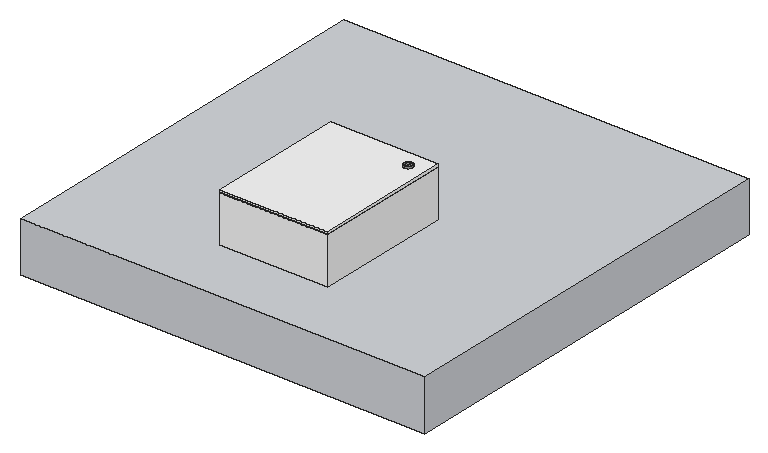
Revit family "IS_Tempo_BIM_GB", category Casework, host Face, Revit 2020
Family settings
  Host = Face
  OmniClass Number = 23.40.35.00
  OmniClass Title = Casework
  Cut with Voids When Loaded = No
  Shared = Yes
  Room Calculation Point = No
Parameters (values of type "E0777WG - Tempo 650 mm WC unit with adjustable cistern - White gloss")
  Youtube clip = ""
  Width = 650 mm
  Weight Net (Kg) = 0
  WarrantyStartDate [instance] = "1900-12-31T23:59:59"
  WarrantyGuarantorParts = "Productinfo@thebluebook.co.uk"
  WarrantyGuarantorLabor = "n/a"
  WarrantyDurationUnit = "year"
  WarrantyDurationParts = "5"
  WarrantyDurationLabor = "n/a"
  WarrantyDescription = "Manufacturers warranty"
  VolumeUnits = "Litres"
  Version = "2"
  Uniformat II Description = ""
  Uniformat II Code = ""
  Uniclass 2015 Name = "Bathroom cupboards"
  Uniclass 2015 Code = "Pr_40_30_78_04"
  Uniclass 2.0 Description = "Bathroom Cabinets"
  Uniclass 2.0 Code = "PR-35-75-08"
  Uniclass 1.4 Description = ""
  Uniclass 1.4 Code = ""
  URL = "www.idealspec.co.uk"
  UNSPSC Code = ""
  Type Comments = "n/a"
  Technical description = "https://www.idealspec.co.uk/assets/datasheet/E0777WG"
  TagNumber [instance] = "n/a"
  SustainabilityPerformance = "FSC"
  Style = "Bathroom cupboards"
  SpareParts = "www.fastpart-spares.co.uk"
  Space = "Internal"
  Size = "830 x 650 x 300 mm"
  Shape = "Rectangular"
  SerialNumber [instance] = "n/a"
  Revision = "n/a"
  ReplacementCost = "n/a"
  Region South America = "All"
  Region Oceania = "All"
  Region North America = "All"
  Region Middle East = "All"
  Region Europe = "All"
  Region Asia = "All"
  Region Antarctica = "All"
  Region Africa = "All"
  QR code = "http://bimobject.com/idealstandard/product/E0777"
  ProductInformation = "www.idealspec.co.uk/assets/datasheet/E0777WG"
  Product group = "Bathroom integrated furniture"
  Product family = "Sanitary"
  Product data url = "https://bimobject.com/idealstandard/product/E0777"
  Product certification = ""
  Product SKU = "E0777"
  Product Guid = "464d868d-be48-406c-b4b0-7bbd169b40b0"
  Phone = "01482 346 461"
  OmniClass Description = "Shower Compartments"
  OmniClass Code = "23-31 17 11"
  NominalLength = 300 mm
  NominalDepth = 300 mm
  Nominal width = 650
  Nominal height = 830
  NettWeight = "n/a"
  Name = "BathroomIntegratedFurniture_Tempo_E0777WG_IdealStandard"
  NBSTypeID = "n/a"
  NBSOfficeMasterTag = "n/a"
  NBSNote = "n/a"
  NBSCertification = "n/a"
  NBS Reference Description = "Bathroom Cabinets"
  NBS Reference Code = "35-75-08"
  ModelReference = Description  # "Tempo 650 mm wc unit with adjustable cistern for 6/4 or 4/2.6 litre flush\r\n4/2.6 litre flush"
  ModelNumber = Model  # "E0777WG"
  Model = "E0777WG"
  Material secondary = ""
  Material main = ""
  Material = "Varies, see product information"
  Masterformat 2014 Description = ""
  Masterformat 2014 Code = ""
  ManufacturerURL = "www.idealspec.co.uk"
  Manufacturer name = "Ideal Standard"
  Manufacturer country = ""
  Manufacturer = "Productinfo@thebluebook.co.uk"
  MainColor = "Sandy Grey"
  LinearUnits = "millimeters"
  LaminateMtl = ISI_IdealStandard_Laminate_WhiteGloss_Render
  Keynote = "n/a"
  InstallationInstructions = "www.idealspec.co.uk/resources.html"
  InstallationDate [instance] = "1900-12-31T23:59:59"
  Installation instructions = ""
  IfcExportType = "Bathroom integrated furniture"
  IfcExportAs = "IfcFurnitureType"
  MetalMtl = ISI_IdealStandard_Handles_Silver_Render
  IFC Classification = "Sanitary Terminal"
  Height = 830 mm
  GrossWeight = "n/a"
  Grade = "n/a"
  Finish = Color  # "Sandy Grey"
  Features = "Adjustable cistern and push button"
  ExpectedLife = "30"
  Edition number = 1
  EAN code = "https://#N/A"
  DurationUnit = "year"
  Design country = ""
  Description = "Tempo 650 mm wc unit with adjustable cistern for 6/4 or 4/2.6 litre flush\r\n4/2.6 litre flush"
  Depth = NominalDepth  # 300 mm
  Default Elevation = 830 mm
  Date of publishing = ""
  CurrencyUnit = "n/a"
  CreatedOn = "2015-08-13"
  Cost = 0
  Constituents = "n/a"
  ConnectionType = "Mechanical"
  Color = "Sandy Grey"
  CodePerformance = "FSC, EN 14749:2005"
  Category = "n/a"
  COBIe Type Category = ""
  Brand = "Ideal Standard"
  BarCode [instance] = "n/a"
  BIMobject category = "Basins"
  BIMObjectName = "ISI_IdealStandard_BathroomIntegratedFurniture_Tempo_E0777WG"
  Author = "Ideal Standard (UK) Ltd"
  AssetType = "Fixed"
  AssetIdentifier [instance] = "n/a"
  Assembly Code = "C1030200"
  AreaUnits = "millimeters"
  AreaMeasurement = "n/a"
  Accessories = "www.idealspec.co.uk"
  AccessibilityPerformance = "n/a"
Reference planes
  plane 1 "Center (Front/Back)": y = 0
  plane 2: z = 0
  plane 3 "Center (Left/Right)": x = 0
  plane 4: x = -325
  plane 5: x = 325
  plane 6: y = -830
  plane 7: z = 300
  plane 8: z = 288
  plane 9: x = -315
  plane 10: x = 315
  plane 11: y = -10
  plane 12: y = -820
  plane 13: y = -200
  plane 14: x = 25
  plane 15: x = 175
  plane 16: y = -150
  plane 17: y = -730
  plane 18: x = -25
  plane 19: x = -175
  plane 20: x = 1.5
  plane 21: x = -1.5
  plane 22: x = 225
  plane 23: y = -100
  plane 24: z = 307
Forms (mm)
  Extrusion 1, solid
    sketch origin (0, 0, 0) x (1, 0, 0) y (0, 1, 0)
      loop
        line (-1219.2, 1219.2) -> (-1219.2, -1219.2) -> (1219.2, -1219.2) -> (1219.2, 1219.2) -> (-1219.2, 1219.2)
    from 0 to -304.8
  Extrusion 2, solid, material "ISI_IdealStandard_Laminate_WhiteGloss_Render" <- "LaminateMtl"
    sketch origin (0, 0, 0) x (1, 0, 0) y (0, 1, 0)
      loop
        line (-325, 0) -> (-325, -830) -> (325, -830) -> (325, 0) -> (-325, 0)
    from 0 to 300
  Extrusion 3, void
    sketch origin (821.169, 0, 288) x (0, 1, 0) y (1, 0, 0)
      loop
        line (0, -1146.169) -> (0, -496.169) -> (-830, -496.169) -> (-830, -1146.169) -> (0, -1146.169)
      loop
        line (-10, -1136.169) -> (-10, -506.169) -> (-820, -506.169) -> (-820, -1136.169) -> (-10, -1136.169)
    from 0 to 5
  Extrusion 4, solid, material "ISI_IdealStandard_Handles_Silver_Render" <- "MetalMtl", detail levels medium+fine
    sketch origin (821.169, 0, 300) x (1, 0, 0) y (0, 1, 0)
      loop
        circle (-596.169, -100) r 25
    from 0 to 7
  Extrusion 5, void, detail levels medium+fine
    sketch origin (200, -4572, 307) x (0, -1, 0) y (-1, 0, 0)
      loop
        circle (-4472, -25) r 22.006
      loop
        arc (-4488.755, -35.92) -> (-4472, -44.963) -> (-4455.245, -35.92) r 20.045
        arc (-4455.245, -35.92) -> (-4472, -28.327) -> (-4488.755, -35.92) r 22.283
      loop
        arc (-4489.809, -34.102) -> (-4472, -26.327) -> (-4454.191, -34.102) r 24.283
        arc (-4454.191, -34.102) -> (-4472, -4.903) -> (-4489.809, -34.102) r 20.03
    from 0 to 5
Cuts and joins
  Extrusion 3, Extrusion 5 cuts Extrusion 2
  Extrusion 5 cuts Extrusion 4
Dimensions and locks
  equal spacing: plane 4, plane 3 "Center (Left/Right)", plane 5
  locked: plane 4 to plane 5 at 650
  locked: plane 1 "Center (Front/Back)" to plane 6 at 830
  "NominalLength": plane 2 to plane 7
  locked: plane 8 to plane 7 at 12
  locked: plane 1 "Center (Front/Back)" to plane 11 at 10
  locked: plane 12 to plane 6 at 10
  locked: plane 10 to plane 5 at 10
  locked: plane 4 to plane 9 at 10
  plane 6 to plane 1 "Center (Front/Back)" = 830 mm
  locked: plane 14 to plane 15 at 150
  locked: plane 18 to plane 19 at 150
  equal spacing: plane 18, plane 3 "Center (Left/Right)", plane 14, locked at 25 each
  plane 22 to plane 5 = 100 mm
  plane 23 to plane 1 "Center (Front/Back)" = 100 mm
  aligned and locked: plane 2 to Extrusion 1
  aligned and locked: level to Extrusion 1
  aligned and locked: plane 1 "Center (Front/Back)" to Extrusion 2 sketch curve
  aligned and locked: Extrusion 2 sketch curve to plane 4
  aligned and locked: plane 6 to Extrusion 2 sketch curve
  aligned and locked: Extrusion 2 sketch curve to plane 5
  aligned and locked: plane 7 to Extrusion 2
  aligned and locked: Extrusion 2 to level
  aligned and locked: Extrusion 3 sketch curve to Extrusion 2  (x4)
  aligned and locked: plane 9 to cut or joined group of Extrusion 2, Extrusion 3, Extrusion 5
  aligned and locked: plane 10 to cut or joined group of Extrusion 2, Extrusion 3, Extrusion 5
  aligned and locked: plane 11 to cut or joined group of Extrusion 2, Extrusion 3, Extrusion 5
  aligned and locked: plane 24 to Extrusion 4
Automatic sketch dimensions
  Extrusion 1 sketch curve to Extrusion 1 sketch curve = 2438.4 mm  (x2)
  Extrusion 3 sketch curve to plane 9 = 0 mm
  Extrusion 3 sketch curve to plane 12 = 0 mm
  Extrusion 3 sketch curve to plane 10 = 0 mm
  Extrusion 3 sketch curve to plane 11 = 0 mm
  Extrusion 4 sketch curve to plane 22 = 0 mm
  Extrusion 4 sketch curve to plane 23 = 0 mm
  Extrusion 5 sketch curve to Extrusion 5 sketch curve = 0 mm  (x2)
  Extrusion 5 sketch curve to plane 22 = 0 mm
  Extrusion 5 sketch curve to plane 23 = 0 mm  (x4)
  plane 22 to Extrusion 5 sketch curve = 10.92 mm
  plane 23 to Extrusion 5 sketch curve = 16.755 mm
  Extrusion 5 sketch curve to Extrusion 5 sketch curve = 1.053 mm
  Extrusion 5 sketch curve to Extrusion 5 sketch curve = 0.066 mm
  Extrusion 5 sketch curve to Extrusion 5 sketch curve = 0.016 mm
  Extrusion 5 sketch curve to Extrusion 5 sketch curve = 1.818 mm
  Extrusion 5 sketch curve to Extrusion 5 sketch curve = 14.689 mm
  radius of Extrusion 4 sketch curve = 25 mm
  radius of Extrusion 5 sketch curve = 22.006 mm
